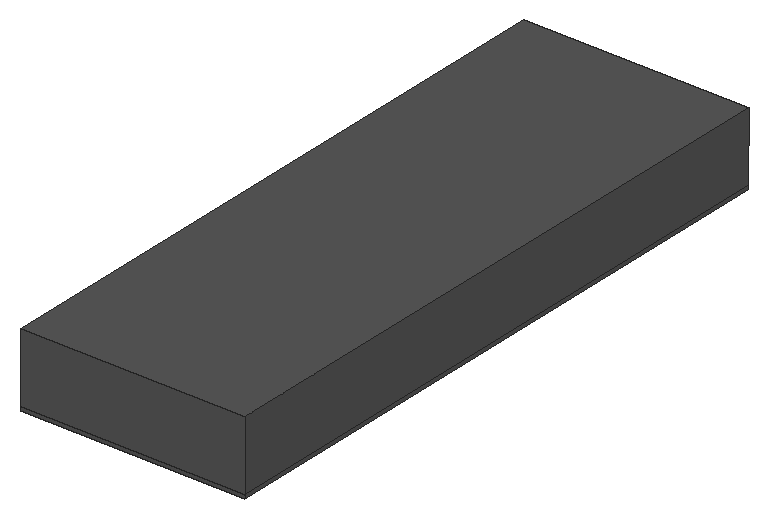
Revit family "ERA_LF_PR_SPP-502", category Осветительные приборы, Revit 2019 (continued)
Definition of nested family "LF_ИС_Пр_SPP-502"
  Types (4, lengths in mm): name | Photometric Web File | built-in parameter 1150105 | Lumens | built-in parameter 1150106 | built-in parameter 1150142 | Wattage
    SPP-502-0-50K-120 | "SPP-502-0-50K-150.ies" | 844.39 (stored number, unit not read) | 10800 lm | 8.4439 (stored number, unit not read) | "IESNA:LM-63-1995\r\n[DATA] 27.01.2020\r\n[MANUFAC]??РА\r\n[LUMCAT] \r\n[LUMINAIRE] SPP-502-0-50K-150\r\n[LAMP] Светодиодный модуль\r\nTILT=NONE\r\n1 13980 13.98 91 37 1 2 0.52 0.17 0.062\r\n1 1 152.82\r\n0 1 2 3 4 5 6 7 8 9 10 11 12 13 14 15 16 17 18 19 20 21 22 23 24 25 26 27 28 29 30 31 32 33 34 35 36 37 38 39 40 41 42 43 44 45 46 47 48 49 50 51 52 53 54 55 56 57 58 59 60 61 62 63 64 65 66 67 68 69 70 71 72 73 74 75 76 77 78 79 80 81 82 83 84 85 86 87 88 89 90 \r\n0 10 20 30 40 50 60 70 80 90 100 110 120 130 140 150 160 170 180 190 200 210 220 230 240 250 260 270 280 290 300 310 320 330 340 350 360 \r\n326.8 327.5 328.4 329.5 330.7 332.2 333.8 335.6 337.7 340.2 342.9 346 349.4 353.2 357.4 362 366.9 372.4 378.4 385.2 392.6 400.5 408.9 417.6 426.3 434.9 443.3 451.8 460.6 469.7 479.2 488.9 499.1 509.9 521.1 532.3 543.1 553.9 565 576.5 587.7 598.1 608.1 618.4 629 639.2 648.4 656.1 662 665.9 668 668.4 666 659.4 647.9 631.4 609.6 582.4 549.4 510.6 465.4 414 358.5 301.2 245 192.8 147.2 109.3 79.8 58.1 42.9 32.7 26.1 21.6 18.3 15.8 13.6 11.7 9.9 8.2 6.8 5.6 4.7 3.8 3 2.3 1.6 1.2 0.8 0.6 0.6\r\n326.8 326.4 326.2 326.1 326.2 326.5 327.3 328.3 329.5 331 332.7 335 337.5 340.1 343 346.3 350.2 354.6 359.1 363.8 368.8 374.3 380.4 387 394.1 401.4 408.9 416.5 424.2 432.2 440.4 449 457.8 466.9 476.1 485.3 494.2 503 511.6 520 528 535.2 541.6 547 551.2 554.2 556.1 556.4 555.2 552 546.4 538.2 527.1 512.7 495.2 474.4 450.4 423.1 392.5 358.5 321.6 281.9 240.6 198.6 157.9 120.8 89.8 65.4 47.9 36.6 29.4 24.4 20.8 18 15.7 13.7 11.9 10.3 9 7.8 6.7 5.7 4.7 3.7 2.8 2 1.5 1.1 0.8 0.8 0.8\r\n326.8 326.1 325.6 325.4 325.5 325.8 326.6 327.7 329.2 331.1 333.2 335.5 338.1 341 344.5 348.3 352.3 356.7 361.4 366.4 371.7 377.1 382.6 388.4 394.6 401.2 408.2 415.1 421.5 427.3 433 438.9 444.9 450.7 456 460.3 463.5 465.7 467.1 467.8 467.6 466.1 463.3 459 453.1 445.4 435.8 424.2 410.6 395 377.7 358.6 337.9 315.7 292.3 268.1 243.6 219 194.8 171.2 148.6 127.3 107.6 89.6 73.6 59.6 47.9 38.7 32.1 27.6 24.6 22.2 20.2 18.4 16.7 15.1 13.6 12.3 11 9.9 8.8 7.8 6.7 5.7 4.6 3.7 2.8 2.1 1.5 1 0.6\r\n326.8 325.5 324.8 324.9 325.6 326.9 328.7 330.8 333 335.4 338.1 341.2 344.6 348.4 352.5 356.8 361.2 365.8 370.4 375.1 379.8 384.4 388.9 393.1 397.2 401.4 405.6 409.4 412.3 414.2 415.5 416.8 417.2 416.3 413.9 410.6 407 402.2 395.4 386.5 376.2 365.2 353.3 340.4 326.3 310.9 294.2 276.5 257.8 238.6 219.1 199.9 181 162.6 145.1 128.5 113 98.9 86.2 75.1 65.4 57 49.9 43.9 39.1 35.1 31.7 28.9 26.3 24.1 22.1 20.4 18.9 17.6 16.4 15.1 13.9 12.6 11.2 9.8 8.6 7.5 6.5 5.7 4.9 4.1 3.2 2.3 1.5 1 0.6\r\n326.8 326.2 326.2 326.8 327.9 329.3 331.1 333.1 335.3 337.9 341.2 345.4 350 354.3 358.1 362 366.3 370.7 374.9 378.8 382.4 385.6 388.5 391.1 393.1 394.6 395.4 395.5 394.9 393.4 390.9 387.4 382.9 377.3 370.8 363 353.9 343.7 332.7 320.8 308 294.3 279.8 264.4 248.5 232.4 216.2 200 183.7 167.5 151.6 136.2 121.7 108.2 96.1 85.1 75.5 67.1 60 54.1 49.2 45.2 41.7 38.6 35.8 33.3 31.1 29.2 27.7 26.3 24.9 23.2 21.3 19.6 18.1 16.7 15.1 13.5 11.8 10.2 8.8 7.8 7 6.1 5 3.9 2.8 2 1.4 1 0.8\r\n326.8 327 327.9 329.5 331.9 334.7 337.8 341.2 344.6 348.1 351.7 355.6 359.5 363.5 367.2 370.8 374.1 377 379.5 381.4 382.7 383.4 383.5 382.7 381.1 378.6 375.2 370.8 365.4 359.1 351.7 343.5 334.3 324.2 313.4 301.7 289.2 276 262.1 247.7 233.3 219 204.7 190.1 175.3 160.8 146.9 133.6 121 109.1 98.2 88.4 79.8 72.3 65.6 59.9 55.2 51.1 47.2 43.6 40.3 37.4 35 32.9 31.1 29.5 28.1 26.8 25.6 24.5 23.4 22.3 21.3 20.2 19.1 17.9 16.6 15.3 13.9 12.4 10.8 9.1 7.4 5.6 4.1 2.8 1.9 1.3 0.9 0.6 0.4\r\n326.8 328 329.7 331.9 334.7 337.8 341.2 344.7 348.2 351.8 355.4 359.2 363 366.7 370.1 373 375.2 376.8 377.9 378.4 378.2 377.1 375.2 372.5 369.2 365 360 354 347 339.3 330.7 321.4 311.4 300.6 289.2 277.3 265 252.3 239.1 225.3 211.2 196.8 182.4 168.1 154 140.4 127.4 115.1 103.8 93.6 84.5 76.5 69.6 63.6 58.5 53.9 49.6 45.7 42.2 39.2 36.6 34.4 32.5 30.8 29.4 28.2 27.1 26.2 25.4 24.6 23.8 23 22 21.1 20.1 19.1 18 16.8 15.5 14 12.3 10.4 8.4 6.6 5.1 3.7 2.5 1.5 0.9 0.5 0.4\r\n326.8 328.5 330.9 334.1 337.8 341.7 345.4 349.2 353.2 357.6 361.8 365.7 369.1 372 374.4 376.2 377.2 377.5 377 375.7 373.5 370.6 366.8 362 356.2 349.5 342 333.7 324.6 314.9 304.6 293.7 282.3 270.3 258 245.3 232.2 218.9 205.5 192.2 178.8 165.6 152.5 139.9 127.9 116.5 105.9 96.2 87.5 79.7 72.9 66.9 61.6 56.7 52.3 48.3 44.7 41.5 38.7 36.2 34.1 32.2 30.6 29.2 27.8 26.5 25.4 24.2 23 21.8 20.4 18.9 17.6 16.8 16.8 17.6 19.1 19.9 18.6 15.2 11.5 9 7.5 6.4 5.4 4.3 3.2 2.2 1.3 0.8 0.5\r\n326.8 328.5 330.9 334 337.7 341.6 345.7 349.8 354.1 358.4 362.7 366.8 370.5 373.4 375.5 376.9 377.6 377.6 376.7 374.7 371.9 368.2 363.6 357.9 351.1 343.5 335.1 325.9 316.1 305.5 294.3 282.6 270.5 257.8 244.7 231.3 217.7 204 190.3 176.9 163.7 150.8 138.4 126.4 115 104.4 94.8 86.3 78.7 71.9 65.9 60.5 55.8 51.4 47.4 43.8 40.8 38.3 36 33.9 32.1 30.6 29.2 27.8 26.3 24.8 23.3 21.7 20.2 18.8 17.7 17 16.5 16.1 15.6 15.1 14.5 13.8 13 12 10.8 9.5 8.2 7 5.8 4.6 3.3 2.2 1.4 0.8 0.6\r\n326.8 327.7 330 333.7 338.4 343.4 348.2 352.8 357.2 361.5 365.8 370 373.8 376.8 378.8 380 380.5 380 378.8 376.5 373.3 369 363.6 357.4 350.2 342.2 333.4 323.9 313.6 302.5 290.9 278.7 266 252.8 239.2 225.5 211.9 198.3 184.8 171.3 158.1 145.2 132.7 120.9 110 99.9 90.7 82.5 75.1 68.5 62.7 57.7 53.3 49.3 45.6 42.4 39.6 37.2 35.1 33.3 31.7 30.2 28.7 27.3 25.8 24.3 22.8 21.4 20.2 19.4 18.9 18.7 18.4 17.9 16.9 15.7 14.6 13.5 12.4 11.2 10 8.7 7.5 6.2 5 3.9 2.8 1.9 1.3 0.8 0.6\r\n326.8 326.6 327.1 328.3 330.3 333.1 336.5 340.3 344.2 348.1 352 356 360 363.8 367.2 370 372.3 373.8 374.4 374.1 372.9 370.8 367.8 363.8 358.8 352.8 345.9 337.9 328.9 318.9 307.9 295.8 282.9 269.2 255 240.3 225.3 210.1 194.8 179.5 164.6 150.4 137.2 125.1 114.2 104.2 94.8 86.3 78.8 72.2 66.4 61 56 51.5 47.3 43.6 40.2 37.2 34.6 32.4 30.5 28.7 27.1 25.4 23.6 21.8 20 18.3 16.8 15.6 14.7 13.9 13.2 12.6 12.2 11.8 11.4 10.9 10.3 9.5 8.4 7.1 5.7 4.1 2.6 1.4 0.7 0.3 0.1 0.1 0.2\r\n326.8 327 327.8 329.2 331.3 334.1 337.5 341.4 345.6 349.9 354.3 358.6 362.8 367 370.9 374.4 377.4 379.7 381.3 382.2 382.3 381.5 379.7 376.9 373 368.1 362.1 355 346.9 337.7 327.3 315.6 303 289.6 275.5 261 246 230.6 214.6 198.4 182.6 167.7 153.7 140.3 127.6 116 105.6 96.3 88 80.5 73.7 67.6 62 57 52.6 48.5 44.8 41.4 38.4 35.8 33.6 31.7 30.2 28.8 27.5 26.3 25.2 24 22.8 21.5 20.1 18.9 17.7 16.5 15.3 14.1 13 11.9 10.8 9.7 8.6 7.4 6 4.6 3.1 1.9 1 0.5 0.2 0.1 0.2\r\n326.8 327.2 328.3 330 332.3 335.2 338.5 342.2 346.4 350.9 355.5 360.2 364.9 369.4 373.8 377.9 382 385.7 388.9 391.4 392.8 392.9 392.1 391 389.3 386.6 382.2 376.5 369.9 362.4 353.8 343.8 332.6 320.5 307.6 293.7 278.6 262.9 247 231 214.8 198.2 181.7 166.2 151.7 138.3 125.6 113.9 103.3 93.8 85.5 78.2 71.7 65.7 60.3 55.3 50.9 47 43.6 40.5 37.7 35.3 33.2 31.5 30.2 29 27.9 27 26.1 25.2 24.4 23.6 22.8 22.1 21.2 20.2 18.9 17.4 15.7 13.8 11.7 9.4 7 4.9 3.2 2 1.1 0.6 0.3 0.2 0.3\r\n326.8 328 329.6 331.7 334.2 337.2 340.7 344.6 349 354 359.3 365 370.5 375.5 380.1 384.8 390.2 395.5 400 403.5 406.1 408 409.4 410.3 410.7 410.1 408.2 405 400.4 394.5 387.2 378.5 368.6 357.4 345 331.4 316.9 301.5 285.2 268.2 250.7 233 215.4 198 181 164.7 149.1 134.4 120.9 108.7 97.8 88.1 79.6 72.2 65.8 60.1 55 50.5 46.3 42.6 39.2 36.2 33.6 31.3 29.2 27.5 26.1 24.8 23.7 22.7 21.6 20.5 19.3 18.1 16.9 15.6 14.2 12.8 11.2 9.6 7.9 6.1 4.5 3.1 2.1 1.3 0.8 0.5 0.3 0.2 0.2\r\n326.8 327.8 329.2 330.8 332.8 335.2 338.1 341.6 345.6 350.3 355.2 360.2 365.5 371.1 377.1 383.4 389.8 396.2 402.5 408.7 414.4 419.8 424.7 429.2 433.2 436.6 439.2 440.9 441.8 441.6 440.3 437.8 434 428.8 422.2 414.1 404.4 393.1 380.2 365.8 350 332.8 314.5 295.2 275.3 254.9 234.3 213.8 193.7 174.4 156 138.6 122.5 108.1 95.3 84.2 74.7 66.6 59.5 53.4 48.1 43.6 39.7 36.4 33.5 31.1 28.9 27 25.3 23.6 22 20.5 19.1 17.6 16 14.3 12.3 10.5 9.1 8 7.1 6 4.7 3.5 2.5 1.7 1.2 0.9 0.7 0.6 0.6\r\n326.8 328.1 329.7 331.8 334.3 337.2 340.5 344.1 347.9 351.9 356.5 361.8 367.6 373.8 380.3 387.1 394.3 401.7 409.4 417.2 425 432.8 440.3 447.7 454.6 461.2 467.4 473 478.1 482.6 486.4 489.5 491.6 492.8 492.5 490.3 485.8 479.5 472.1 463.4 452.5 438.9 423.1 406.1 387.8 367.5 344.7 320.4 295.6 271 245.9 220.2 194.9 171.2 149.6 129.8 111.8 95.7 81.6 69.8 59.8 51.6 44.9 39.2 34.3 30.3 27.1 24.5 22.4 20.5 18.9 17.4 16 14.6 13.2 11.9 10.5 9.2 8.1 7.2 6.4 5.6 4.7 3.5 2.3 1.2 0.7 0.4 0.4 0.4 0.4\r\n326.8 327.6 328.9 330.6 332.8 335 337.4 340.4 344.7 350.4 356.8 363.3 369.7 375.6 381.3 387.2 393.7 400.7 407.7 414.9 422.5 430.7 439.7 449.1 458.9 468.4 477.5 486.4 495.4 504.6 513.6 522.4 530.8 538.7 546.2 553.1 559.4 564.7 568.6 570.9 571.7 571 568.7 564.4 558.1 549.5 538.5 524.9 508.6 489.5 467.5 442.5 414.6 384 351.4 317.5 283.2 248.9 215 182 150.5 121.3 95.6 74.7 58.8 47.5 40 35 31 27.5 24.3 21.4 18.9 16.7 14.7 13 11.4 10 8.5 7.1 5.7 4.5 3.5 2.5 1.7 1 0.6 0.4 0.3 0.3 0.4\r\n326.8 327.5 328.7 330.4 332.5 334.4 336 338.4 342.9 349.3 355.7 360.8 365.3 370.3 376 382 388.2 395.1 403.4 413 422.9 432.4 441.7 451.5 461.9 472.2 482.2 491.8 501.4 511.1 520.9 531.2 541.7 552.3 563 573.5 583.7 593.6 603.1 612.3 621.1 629.3 636.8 643.7 649.6 654.2 657.1 658 656.2 651.3 642.8 630.5 614.2 593.9 569.6 541.3 508.8 472.2 431.4 386.9 339.7 291.2 243.4 198.3 157.9 123.4 95.8 74.6 59 47.7 39.2 32.4 26.7 22.1 18.3 15.3 12.8 10.8 9.2 7.8 6.6 5.5 4.5 3.5 2.6 1.9 1.2 0.8 0.5 0.3 0.4\r\n326.8 327.5 328.4 329.5 330.7 332.2 333.8 335.6 337.7 340.2 342.9 346 349.4 353.2 357.4 362 366.9 372.4 378.4 385.2 392.6 400.5 408.9 417.6 426.3 434.9 443.3 451.8 460.6 469.7 479.2 488.9 499.1 509.9 521.1 532.3 543.1 553.9 565 576.5 587.7 598.1 608.1 618.4 629 639.2 648.4 656.1 662 665.9 668 668.4 666 659.4 647.9 631.4 609.6 582.4 549.4 510.6 465.4 414 358.5 301.2 245 192.8 147.2 109.3 79.8 58.1 42.9 32.7 26.1 21.6 18.3 15.8 13.6 11.7 9.9 8.2 6.8 5.6 4.7 3.8 3 2.3 1.6 1.2 0.8 0.6 0.6\r\n326.8 327.5 328.7 330.4 332.5 334.4 336 338.4 342.9 349.3 355.7 360.8 365.3 370.3 376 382 388.2 395.1 403.4 413 422.9 432.4 441.7 451.5 461.9 472.2 482.2 491.8 501.4 511.1 520.9 531.2 541.7 552.3 563 573.5 583.7 593.6 603.1 612.3 621.1 629.3 636.8 643.7 649.6 654.2 657.1 658 656.2 651.3 642.8 630.5 614.2 593.9 569.6 541.3 508.8 472.2 431.4 386.9 339.7 291.2 243.4 198.3 157.9 123.4 95.8 74.6 59 47.7 39.2 32.4 26.7 22.1 18.3 15.3 12.8 10.8 9.2 7.8 6.6 5.5 4.5 3.5 2.6 1.9 1.2 0.8 0.5 0.3 0.4\r\n326.8 327.6 328.9 330.6 332.8 335 337.4 340.4 344.7 350.4 356.8 363.3 369.7 375.6 381.3 387.2 393.7 400.7 407.7 414.9 422.5 430.7 439.7 449.1 458.9 468.4 477.5 486.4 495.4 504.6 513.6 522.4 530.8 538.7 546.2 553.1 559.4 564.7 568.6 570.9 571.7 571 568.7 564.4 558.1 549.5 538.5 524.9 508.6 489.5 467.5 442.5 414.6 384 351.4 317.5 283.2 248.9 215 182 150.5 121.3 95.6 74.7 58.8 47.5 40 35 31 27.5 24.3 21.4 18.9 16.7 14.7 13 11.4 10 8.5 7.1 5.7 4.5 3.5 2.5 1.7 1 0.6 0.4 0.3 0.3 0.4\r\n326.8 328.1 329.7 331.8 334.3 337.2 340.5 344.1 347.9 351.9 356.5 361.8 367.6 373.8 380.3 387.1 394.3 401.7 409.4 417.2 425 432.8 440.3 447.7 454.6 461.2 467.4 473 478.1 482.6 486.4 489.5 491.6 492.8 492.5 490.3 485.8 479.5 472.1 463.4 452.5 438.9 423.1 406.1 387.8 367.5 344.7 320.4 295.6 271 245.9 220.2 194.9 171.2 149.6 129.8 111.8 95.7 81.6 69.8 59.8 51.6 44.9 39.2 34.3 30.3 27.1 24.5 22.4 20.5 18.9 17.4 16 14.6 13.2 11.9 10.5 9.2 8.1 7.2 6.4 5.6 4.7 3.5 2.3 1.2 0.7 0.4 0.4 0.4 0.4\r\n326.8 327.8 329.2 330.8 332.8 335.2 338.1 341.6 345.6 350.3 355.2 360.2 365.5 371.1 377.1 383.4 389.8 396.2 402.5 408.7 414.4 419.8 424.7 429.2 433.2 436.6 439.2 440.9 441.8 441.6 440.3 437.8 434 428.8 422.2 414.1 404.4 393.1 380.2 365.8 350 332.8 314.5 295.2 275.3 254.9 234.3 213.8 193.7 174.4 156 138.6 122.5 108.1 95.3 84.2 74.7 66.6 59.5 53.4 48.1 43.6 39.7 36.4 33.5 31.1 28.9 27 25.3 23.6 22 20.5 19.1 17.6 16 14.3 12.3 10.5 9.1 8 7.1 6 4.7 3.5 2.5 1.7 1.2 0.9 0.7 0.6 0.6\r\n326.8 328 329.6 331.7 334.2 337.2 340.7 344.6 349 354 359.3 365 370.5 375.5 380.1 384.8 390.2 395.5 400 403.5 406.1 408 409.4 410.3 410.7 410.1 408.2 405 400.4 394.5 387.2 378.5 368.6 357.4 345 331.4 316.9 301.5 285.2 268.2 250.7 233 215.4 198 181 164.7 149.1 134.4 120.9 108.7 97.8 88.1 79.6 72.2 65.8 60.1 55 50.5 46.3 42.6 39.2 36.2 33.6 31.3 29.2 27.5 26.1 24.8 23.7 22.7 21.6 20.5 19.3 18.1 16.9 15.6 14.2 12.8 11.2 9.6 7.9 6.1 4.5 3.1 2.1 1.3 0.8 0.5 0.3 0.2 0.2\r\n326.8 327.2 328.3 330 332.3 335.2 338.5 342.2 346.4 350.9 355.5 360.2 364.9 369.4 373.8 377.9 382 385.7 388.9 391.4 392.8 392.9 392.1 391 389.3 386.6 382.2 376.5 369.9 362.4 353.8 343.8 332.6 320.5 307.6 293.7 278.6 262.9 247 231 214.8 198.2 181.7 166.2 151.7 138.3 125.6 113.9 103.3 93.8 85.5 78.2 71.7 65.7 60.3 55.3 50.9 47 43.6 40.5 37.7 35.3 33.2 31.5 30.2 29 27.9 27 26.1 25.2 24.4 23.6 22.8 22.1 21.2 20.2 18.9 17.4 15.7 13.8 11.7 9.4 7 4.9 3.2 2 1.1 0.6 0.3 0.2 0.3\r\n326.8 327 327.8 329.2 331.3 334.1 337.5 341.4 345.6 349.9 354.3 358.6 362.8 367 370.9 374.4 377.4 379.7 381.3 382.2 382.3 381.5 379.7 376.9 373 368.1 362.1 355 346.9 337.7 327.3 315.6 303 289.6 275.5 261 246 230.6 214.6 198.4 182.6 167.7 153.7 140.3 127.6 116 105.6 96.3 88 80.5 73.7 67.6 62 57 52.6 48.5 44.8 41.4 38.4 35.8 33.6 31.7 30.2 28.8 27.5 26.3 25.2 24 22.8 21.5 20.1 18.9 17.7 16.5 15.3 14.1 13 11.9 10.8 9.7 8.6 7.4 6 4.6 3.1 1.9 1 0.5 0.2 0.1 0.2\r\n326.8 326.6 327.1 328.3 330.3 333.1 336.5 340.3 344.2 348.1 352 356 360 363.8 367.2 370 372.3 373.8 374.4 374.1 372.9 370.8 367.8 363.8 358.8 352.8 345.9 337.9 328.9 318.9 307.9 295.8 282.9 269.2 255 240.3 225.3 210.1 194.8 179.5 164.6 150.4 137.2 125.1 114.2 104.2 94.8 86.3 78.8 72.2 66.4 61 56 51.5 47.3 43.6 40.2 37.2 34.6 32.4 30.5 28.7 27.1 25.4 23.6 21.8 20 18.3 16.8 15.6 14.7 13.9 13.2 12.6 12.2 11.8 11.4 10.9 10.3 9.5 8.4 7.1 5.7 4.1 2.6 1.4 0.7 0.3 0.1 0.1 0.2\r\n326.8 327.1 327.7 328.7 330.1 332 334.6 337.9 341.6 345.7 349.6 353.2 356.7 360.2 363.8 366.8 368.9 370.1 370.5 370.1 368.9 366.9 364 360 355.1 349.2 342.3 334.4 325.5 315.7 304.9 293 280.2 266.6 252.3 237.4 222 206.3 190.6 175.1 160.3 146.3 133.3 121.2 110.1 99.9 90.7 82.4 75.1 68.8 63.1 58 53.2 48.9 44.9 41.3 38.2 35.4 33 30.8 28.8 27.1 25.4 23.7 21.9 20.2 18.6 17.5 16.8 16.4 16.2 15.8 15 14 12.9 11.7 10.6 9.6 8.7 7.9 7 6 4.8 3.5 2.2 1.2 0.6 0.3 0.2 0.1 0.2\r\n326.8 328.5 330.9 334 337.7 341.6 345.7 349.8 354.1 358.4 362.7 366.8 370.5 373.4 375.5 376.9 377.6 377.6 376.7 374.7 371.9 368.2 363.6 357.9 351.1 343.5 335.1 325.9 316.1 305.5 294.3 282.6 270.5 257.8 244.7 231.3 217.7 204 190.3 176.9 163.7 150.8 138.4 126.4 115 104.4 94.8 86.3 78.7 71.9 65.9 60.5 55.8 51.4 47.4 43.8 40.8 38.3 36 33.9 32.1 30.6 29.2 27.8 26.3 24.8 23.3 21.7 20.2 18.8 17.7 17 16.5 16.1 15.6 15.1 14.5 13.8 13 12 10.8 9.5 8.2 7 5.8 4.6 3.3 2.2 1.4 0.8 0.6\r\n326.8 328.5 330.9 334.1 337.8 341.7 345.4 349.2 353.2 357.6 361.8 365.7 369.1 372 374.4 376.2 377.2 377.5 377 375.7 373.5 370.6 366.8 362 356.2 349.5 342 333.7 324.6 314.9 304.6 293.7 282.3 270.3 258 245.3 232.2 218.9 205.5 192.2 178.8 165.6 152.5 139.9 127.9 116.5 105.9 96.2 87.5 79.7 72.9 66.9 61.6 56.7 52.3 48.3 44.7 41.5 38.7 36.2 34.1 32.2 30.6 29.2 27.8 26.5 25.4 24.2 23 21.8 20.4 18.9 17.6 16.8 16.8 17.6 19.1 19.9 18.6 15.2 11.5 9 7.5 6.4 5.4 4.3 3.2 2.2 1.3 0.8 0.5\r\n326.8 328 329.7 331.9 334.7 337.8 341.2 344.7 348.2 351.8 355.4 359.2 363 366.7 370.1 373 375.2 376.8 377.9 378.4 378.2 377.1 375.2 372.5 369.2 365 360 354 347 339.3 330.7 321.4 311.4 300.6 289.2 277.3 265 252.3 239.1 225.3 211.2 196.8 182.4 168.1 154 140.4 127.4 115.1 103.8 93.6 84.5 76.5 69.6 63.6 58.5 53.9 49.6 45.7 42.2 39.2 36.6 34.4 32.5 30.8 29.4 28.2 27.1 26.2 25.4 24.6 23.8 23 22 21.1 20.1 19.1 18 16.8 15.5 14 12.3 10.4 8.4 6.6 5.1 3.7 2.5 1.5 0.9 0.5 0.4\r\n326.8 327 327.9 329.5 331.9 334.7 337.8 341.2 344.6 348.1 351.7 355.6 359.5 363.5 367.2 370.8 374.1 377 379.5 381.4 382.7 383.4 383.5 382.7 381.1 378.6 375.2 370.8 365.4 359.1 351.7 343.5 334.3 324.2 313.4 301.7 289.2 276 262.1 247.7 233.3 219 204.7 190.1 175.3 160.8 14
      6.9 133.6 121 109.1 98.2 88.4 79.8 72.3 65.6 59.9 55.2 51.1 47.2 43.6 40.3 37.4 35 32.9 31.1 29.5 28.1 26.8 25.6 24.5 23.4 22.3 21.3 20.2 19.1 17.9 16.6 15.3 13.9 12.4 10.8 9.1 7.4 5.6 4.1 2.8 1.9 1.3 0.9 0.6 0.4\r\n326.8 326.2 326.2 326.8 327.9 329.3 331.1 333.1 335.3 337.9 341.2 345.4 350 354.3 358.1 362 366.3 370.7 374.9 378.8 382.4 385.6 388.5 391.1 393.1 394.6 395.4 395.5 394.9 393.4 390.9 387.4 382.9 377.3 370.8 363 353.9 343.7 332.7 320.8 308 294.3 279.8 264.4 248.5 232.4 216.2 200 183.7 167.5 151.6 136.2 121.7 108.2 96.1 85.1 75.5 67.1 60 54.1 49.2 45.2 41.7 38.6 35.8 33.3 31.1 29.2 27.7 26.3 24.9 23.2 21.3 19.6 18.1 16.7 15.1 13.5 11.8 10.2 8.8 7.8 7 6.1 5 3.9 2.8 2 1.4 1 0.8\r\n326.8 325.5 324.8 324.9 325.6 326.9 328.7 330.8 333 335.4 338.1 341.2 344.6 348.4 352.5 356.8 361.2 365.8 370.4 375.1 379.8 384.4 388.9 393.1 397.2 401.4 405.6 409.4 412.3 414.2 415.5 416.8 417.2 416.3 413.9 410.6 407 402.2 395.4 386.5 376.2 365.2 353.3 340.4 326.3 310.9 294.2 276.5 257.8 238.6 219.1 199.9 181 162.6 145.1 128.5 113 98.9 86.2 75.1 65.4 57 49.9 43.9 39.1 35.1 31.7 28.9 26.3 24.1 22.1 20.4 18.9 17.6 16.4 15.1 13.9 12.6 11.2 9.8 8.6 7.5 6.5 5.7 4.9 4.1 3.2 2.3 1.5 1 0.6\r\n326.8 326.1 325.6 325.4 325.5 325.8 326.6 327.7 329.2 331.1 333.2 335.5 338.1 341 344.5 348.3 352.3 356.7 361.4 366.4 371.7 377.1 382.6 388.4 394.6 401.2 408.2 415.1 421.5 427.3 433 438.9 444.9 450.7 456 460.3 463.5 465.7 467.1 467.8 467.6 466.1 463.3 459 453.1 445.4 435.8 424.2 410.6 395 377.7 358.6 337.9 315.7 292.3 268.1 243.6 219 194.8 171.2 148.6 127.3 107.6 89.6 73.6 59.6 47.9 38.7 32.1 27.6 24.6 22.2 20.2 18.4 16.7 15.1 13.6 12.3 11 9.9 8.8 7.8 6.7 5.7 4.6 3.7 2.8 2.1 1.5 1 0.6\r\n326.8 326.4 326.2 326.1 326.2 326.5 327.3 328.3 329.5 331 332.7 335 337.5 340.1 343 346.3 350.2 354.6 359.1 363.8 368.8 374.3 380.4 387 394.1 401.4 408.9 416.5 424.2 432.2 440.4 449 457.8 466.9 476.1 485.3 494.2 503 511.6 520 528 535.2 541.6 547 551.2 554.2 556.1 556.4 555.2 552 546.4 538.2 527.1 512.7 495.2 474.4 450.4 423.1 392.5 358.5 321.6 281.9 240.6 198.6 157.9 120.8 89.8 65.4 47.9 36.6 29.4 24.4 20.8 18 15.7 13.7 11.9 10.3 9 7.8 6.7 5.7 4.7 3.7 2.8 2 1.5 1.1 0.8 0.8 0.8\r\n326.8 327.5 328.4 329.5 330.7 332.2 333.8 335.6 337.7 340.2 342.9 346 349.4 353.2 357.4 362 366.9 372.4 378.4 385.2 392.6 400.5 408.9 417.6 426.3 434.9 443.3 451.8 460.6 469.7 479.2 488.9 499.1 509.9 521.1 532.3 543.1 553.9 565 576.5 587.7 598.1 608.1 618.4 629 639.2 648.4 656.1 662 665.9 668 668.4 666 659.4 647.9 631.4 609.6 582.4 549.4 510.6 465.4 414 358.5 301.2 245 192.8 147.2 109.3 79.8 58.1 42.9 32.7 26.1 21.6 18.3 15.8 13.6 11.7 9.9 8.2 6.8 5.6 4.7 3.8 3 2.3 1.6 1.2 0.8 0.6 0.6\r\n" | 72.7067 W
